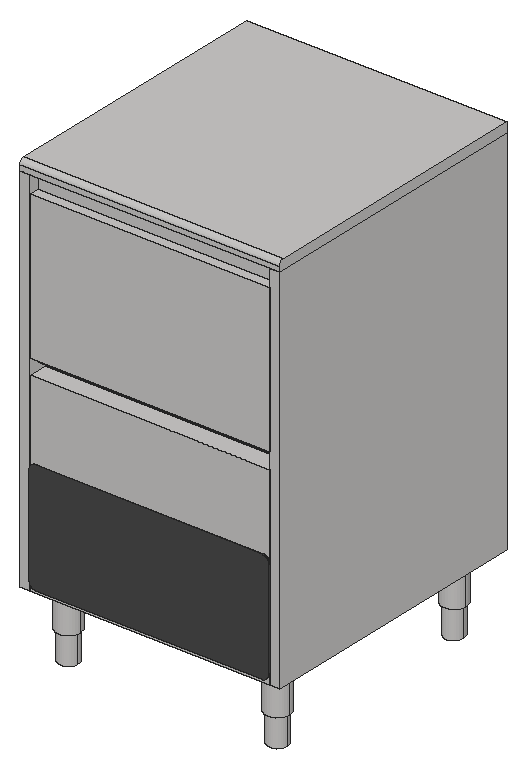
Revit family "QF_ELECTROLUXPROFESSIONAL_730328_ICC55I25SNP", category Attrezzature speciali, Revit 2018
Family settings
  Quota connettore circolare = Usa diametro
  Tipo di parte = Normale
  Basato su piano di lavoro = No
  Sempre verticale = Sì
  Taglio con vuoti quando caricato = No
  Condiviso = No
  Punto di calcolo locali = No
Parameters (values of type "Standard")
  Weight = 56.00 kg
  Watts = 0 W
  Volts = 220 V
  URL Manufacturer = "https://www.electroluxprofessional.com/"
  URL = "https://www.electroluxprofessional.com/"
  Steam Supply Size = 0 mm
  Steam Supply Minimum Pressure = 0.0 Pa
  Steam Supply Maximum Pressure = 0.0 Pa
  Steam Pounds per Hour = 0
  Show Logo [instance] = yes
  Show Clearance [instance] = yes
  Refrigeration Suction Line Size = 0 mm
  Refrigeration Liquid Line Size = 0 mm
  Refrigerant Compressor Remote = yes
  Produttore = "Electrolux Professional"
  Phase = 1
  Modello = "ICC55I25SNP"
  Length Actual = 535 mm  # constant formula
  Item Number = "730328"
  Hot Water Size = 0 mm
  Height Actual = 894 mm  # constant formula
  HP = "0 HP"
  Gas Size = 0 mm
  Gas KW = 0
  Gas Input Pressure = 0 W
  Descrizione = "AIR COOLED ICE CUBER 40GR 55KG/24H-BIN 25KG"
  Depth Actual = 595 mm  # constant formula
  Cycle = 50 Hz
  Condensate Return Size = 0 mm
  Compressed Air Volume = 0.0 L/s
  Compressed Air Size = 0 mm
  Compressed Air Pressure = 0.0 Pa
  Cold Water Size = 19.05 mm
  Accessory = yes
Reference planes
  plane 1 "Center X": y = 272.851
  plane 2: z = 0
  plane 3 "Center Y": x = -501.5
  plane 4 "LEFT": x = -769
  plane 5 "RIGHT": x = -234
  plane 6 "FRONT": y = -19.649
  plane 7 "BACK": y = 565.351
  plane 8: z = 143
  plane 9: z = 932
  plane 10: z = 912
  plane 11: x = -749
  plane 12: x = -254
  plane 13: y = 20.351
Forms (mm)
  Extrusion 1, solid, material "QF_Finishes_Black"
    sketch origin (-217.296, -19.649, 371.513) x (-1, 0, 0) y (0, 0, -1)
      loop
        arc (516.704, -9.487) -> (527.311, -5.093) -> (531.704, 5.513) r 15
        line (531.704, 5.513) -> (531.704, 206.469)
        arc (531.704, 206.469) -> (527.311, 217.075) -> (516.704, 221.469) r 15
        line (516.704, 221.469) -> (51.704, 221.469)
        arc (51.704, 221.469) -> (41.097, 217.075) -> (36.704, 206.469) r 15
        line (36.704, 206.469) -> (36.704, 5.513)
        arc (36.704, 5.513) -> (41.097, -5.093) -> (51.704, -9.487) r 15
        line (51.704, -9.487) -> (516.704, -9.487)
    from 0 to 2
  Extrusion 2, solid, material "QF_Finishes_Stainless Steel"
    sketch origin (-501.5, 0, 0) x (0, 1, 0) y (0, 0, 1)
      loop
        line (565.351, 912) -> (565.351, 932) -> (-9.649, 932)
        arc (-9.649, 932) -> (-16.72, 929.071) -> (-19.649, 922) r 10
        line (-19.649, 922) -> (-19.649, 912) -> (565.351, 912)
    from -267.5 to 267.5
  Extrusion 3, solid, material "QF_Finishes_Stainless Steel"
    sketch origin (-354.7, 565.351, -329.545) x (1, 0, 0) y (0, 0, -1)
      loop
        circle (53.2, -643.545) r 10
    from 0 to 10
  Extrusion 4, solid, material "QF_Finishes_Stainless Steel"
    sketch origin (0, 0, 0) x (1, 0, 0) y (0, 1, 0)
      loop
        line (-769, 565.351) -> (-769, -19.649) -> (-749, -19.649) -> (-749, 565.351) -> (-769, 565.351)
    from 143 to 912
  Extrusion 5, solid, material "QF_Finishes_Stainless Steel"
    sketch origin (0, 0, 0) x (1, 0, 0) y (0, 1, 0)
      loop
        line (-254, 565.351) -> (-254, -19.649) -> (-234, -19.649) -> (-234, 565.351) -> (-254, 565.351)
    from 143 to 912
  Extrusion 6, solid, material "QF_Finishes_Stainless Steel"
    sketch origin (0, 0, 0) x (1, 0, 0) y (0, 1, 0)
      loop
        line (-749, 565.351) -> (-749, 20.351) -> (-254, 20.351) -> (-254, 565.351) -> (-749, 565.351)
    from 143 to 912
  Extrusion 7, solid, material "QF_Finishes_Stainless Steel"
    sketch origin (0, 0, 0) x (1, 0, 0) y (0, 1, 0)
      loop
        line (-749, -19.649) -> (-254, -19.649) -> (-254, 20.351) -> (-749, 20.351) -> (-749, -19.649)
    from 143 to 541.146
  Extrusion 8, solid, material "QF_Finishes_Stainless Steel"
    sketch origin (-501.5, 0, 0) x (0, 1, 0) y (0, 0, 1)
      loop
        line (20.351, 912) -> (0.351, 912) -> (0.351, 876) -> (-19.649, 876) -> (-19.649, 572.768) -> (0.351, 572.768) -> (0.351, 557) -> (20.351, 557) -> (20.351, 912)
    from -247.5 to 247.5
  Extrusion 9, solid, material "QF_Finishes_Stainless Steel"
    sketch origin (-337.2, 565.351, -440.545) x (1, 0, 0) y (0, 0, -1)
      loop
        circle (53.2, -643.545) r 10
    from 0 to 10
  Extrusion 10, solid, material "QF_Finishes_Stainless Steel"
    sketch origin (-397.7, 565.351, -361.545) x (1, 0, 0) y (0, 0, -1)
      loop
        circle (53.2, -643.545) r 10
    from 0 to 10
Lines and regions (mm)
  Split face 1
    outline origin (-501.5, 0.351, 912) x (0, 0, -1) y (1, 0, 0)
      loop
        line (5.715, 124.928) -> (30.715, 124.928) -> (30.715, 164.928) -> (5.715, 164.928) -> (5.715, 124.928)
  symbolic lines
    curve 1: line (-769, 565.351, 0) -> (-234, 565.351, 0)
    curve 2: line (-769, -19.649, 0) -> (-769, 565.351, 0)
    curve 3: line (-234, -19.649, 0) -> (-769, -19.649, 0)
    curve 4: line (-234, 565.351, 0) -> (-234, -19.649, 0)
Dimensions and locks
  equal spacing: plane 4 "LEFT", plane 3 "Center Y", plane 5 "RIGHT"
  plane 4 "LEFT" to plane 5 "RIGHT" = 535 mm
  equal spacing: plane 7 "BACK", plane 1 "Center X", plane 6 "FRONT"
  plane 7 "BACK" to plane 6 "FRONT" = 585 mm
  plane 8 to plane 2 = 143 mm
  plane 9 to plane 8 = 789 mm
  locked: plane 4 "LEFT" to plane 11 at 20
  locked: plane 12 to plane 5 "RIGHT" at 20
  locked: plane 9 to plane 10 at 20
  locked: plane 13 to plane 6 "FRONT" at 40
  aligned and locked: level to plane 2
  aligned and locked: plane 5 "RIGHT" to Extrusion 2
  aligned and locked: Extrusion 2 to plane 4 "LEFT"
  aligned and locked: Extrusion 4 sketch curve to Extrusion 2  (x2)
  aligned and locked: plane 6 "FRONT" to Extrusion 4 sketch curve
  aligned and locked: Extrusion 4 sketch curve to plane 11
  aligned and locked: Extrusion 5 sketch curve to plane 7 "BACK"
  aligned and locked: plane 12 to Extrusion 5 sketch curve
  aligned and locked: Extrusion 5 sketch curve to Extrusion 2  (x2)
  aligned and locked: plane 10 to Extrusion 4
  aligned and locked: plane 10 to Extrusion 5
  aligned and locked: Extrusion 4 to plane 8
  aligned and locked: Extrusion 5 to plane 8
  aligned and locked: Extrusion 6 sketch curve to Extrusion 4
  aligned and locked: Extrusion 4 to Extrusion 6 sketch curve
  aligned and locked: plane 13 to Extrusion 6 sketch curve
  aligned and locked: Extrusion 6 sketch curve to plane 12
  aligned and locked: plane 10 to Extrusion 6
  aligned and locked: Extrusion 6 to plane 8
  aligned and locked: Extrusion 4 to Extrusion 7 sketch curve
  aligned and locked: Extrusion 7 sketch curve to Extrusion 4
  aligned and locked: plane 13 to Extrusion 7 sketch curve
  aligned and locked: plane 12 to Extrusion 7 sketch curve
  aligned and locked: Extrusion 7 to plane 8
  aligned and locked: plane 12 to Extrusion 8
  aligned and locked: Extrusion 8 to plane 11
Automatic sketch dimensions
  curve 3 to plane 4 "LEFT" = 0 mm
  curve 3 to plane 5 "RIGHT" = 0 mm
  curve 3 to plane 6 "FRONT" = 0 mm
  curve 2 to plane 7 "BACK" = 0 mm
  Extrusion 1 sketch curve to plane 12 = 0 mm
  plane 8 to Extrusion 1 sketch curve = 7.044 mm
  Extrusion 1 sketch curve to Extrusion 1 sketch curve = 15 mm  (x3)
  plane 11 to Extrusion 1 sketch curve = 15 mm  (x2)
  Extrusion 1 sketch curve to Extrusion 1 sketch curve = 200.956 mm
  Extrusion 2 sketch curve to plane 6 "FRONT" = 0 mm
  Extrusion 2 sketch curve to plane 9 = 0 mm
  Extrusion 2 sketch curve to plane 7 "BACK" = 0 mm
  Extrusion 2 sketch curve to plane 10 = 0 mm
  plane 6 "FRONT" to Extrusion 2 sketch curve = 10 mm
  Extrusion 6 to Extrusion 3 sketch curve = 171 mm
  Extrusion 3 sketch curve to Extrusion 6 = 47.5 mm
  Extrusion 8 sketch curve to plane 6 "FRONT" = 0 mm
  Extrusion 8 sketch curve to plane 10 = 0 mm
  Extrusion 8 sketch curve to plane 13 = 0 mm
  plane 6 "FRONT" to Extrusion 8 sketch curve = 20 mm  (x2)
  Extrusion 8 sketch curve to plane 10 = 36 mm
  Extrusion 8 sketch curve to Extrusion 8 sketch curve = 303.232 mm
  Extrusion 8 sketch curve to Extrusion 8 sketch curve = 15.768 mm
  Split face 1 sketch curve to Extrusion 8 = 5.715 mm
  Extrusion 8 to Split face 1 sketch curve = 5.285 mm
  Split face 1 sketch curve to Extrusion 8 = 122.572 mm
  Split face 1 sketch curve to Split face 1 sketch curve = 40 mm
  Extrusion 9 sketch curve to Extrusion 6 = 30 mm
  Extrusion 6 to Extrusion 9 sketch curve = 60 mm
  Extrusion 10 sketch curve to Extrusion 6 = 90.5 mm
  Extrusion 6 to Extrusion 10 sketch curve = 139 mm
  radius of Extrusion 3 sketch curve = 10 mm
  radius of Extrusion 9 sketch curve = 10 mm
  radius of Extrusion 10 sketch curve = 10 mm
Nested families
  nested 1: "Foot_Complete" at (-717, 40.351, 0), type "Foot_Complete"
    with H 143 mm
  nested 2: "Foot_Complete" at (-286, 40.351, 0) x (-1, 0, 0) z (0, 0, 1), type "Foot_Complete"
    with H 143 mm
  nested 3: "Foot_Complete" at (-717, 494.351, 0), type "Foot_Complete"
    with H 143 mm
  nested 4: "Foot_Complete" at (-286, 494.351, 0) x (-1, 0, 0) z (0, 0, 1), type "Foot_Complete"
    with H 143 mm
Connectors
  electrical at (-284, 575.351, 203), driven by "Volts"
    settings: on Extrusion 9, index 1, voltage 220 V, apparent load 0 VA, apparent load phase1 0 VA, apparent load phase2 0 VA, apparent load phase3 0 VA, power factor 1, load classification "Altro", number of poles 1, system type 30, power factor state 1, is connector primary yes, connector utility no, sub classification motor no, connector description "Electrical Connection"
  piping at (-301.5, 575.351, 314), diameter 20
    settings: on Extrusion 3, index 2, connector inside diameter 609.6 mm, connector length 0 mm, flow factor 0, pipe flow 0.0 L/s, pressure drop 0.0 Pa, fitting loss kfactor 0, connector angle 0.00°, fixture units 0, engagement length 0 mm, angle of deflection 0.00°, flow configuration 0, flow direction 0, fitting loss method 0, system type 20, joint type 0, gender type 0, connector reference index -1, connector utility 0, adjustable connector no, is connector primary yes, connector description "Cold water"
  piping at (-344.5, 575.351, 282), diameter 20
    settings: on Extrusion 10, index 3, connector inside diameter 609.6 mm, connector length 0 mm, flow factor 0, pipe flow 0.0 L/s, pressure drop 0.0 Pa, fitting loss kfactor 0, connector angle 0.00°, fixture units 0, engagement length 0 mm, angle of deflection 0.00°, flow configuration 0, flow direction 0, fitting loss method 0, system type 16, joint type 0, gender type 0, connector reference index -1, connector utility 0, adjustable connector no, is connector primary no, connector description "Drain"
Definition of nested family "Foot_Complete"
  Parameters (values of type "Foot_Complete")
    R = 25 mm
    H = 153 mm
  Reference planes
    plane 1 "Centro (Fronte/Retro)": y = 0
    plane 2: z = 0
    plane 3 "Centro (Sinistra/Destra)": x = 0
    plane 4: z = 153
  Forms (mm)
    Revolve 1, solid
      sketch origin (255.05, 0, 608.09) x (0, 0, 1) y (-1, 0, 0)
        loop
          line (-608.09, 255.05) -> (-608.09, 235.05) -> (-548.09, 235.05) -> (-548.09, 230.05) -> (-455.09, 230.05) -> (-455.09, 255.05) -> (-608.09, 255.05)
        axis (-608.09, 255.05) -> (-455.09, 255.05)
      angle from 0 to 360
  Dimensions and locks
    level to Revolve 1 sketch curve = 60 mm
    "R": Revolve 1 sketch curve to plane 3 "Centro (Sinistra/Destra)"
    "H": plane 4 to level
    aligned and locked: level to plane 2
    aligned and locked: plane 4 to Revolve 1 sketch curve
    aligned and locked: Revolve 1 sketch curve to level
    aligned and locked: plane 3 "Centro (Sinistra/Destra)" to Revolve 1 sketch curve
  Automatic sketch dimensions
    Revolve 1 sketch curve to plane 3 "Centro (Sinistra/Destra)" = 0 mm
    plane 3 "Centro (Sinistra/Destra)" to Revolve 1 sketch curve = 20 mm
    Revolve 1 sketch curve to Revolve 1 sketch curve = 50 mm
    Revolve 1 sketch curve to Revolve 1 sketch curve = 20 mm
